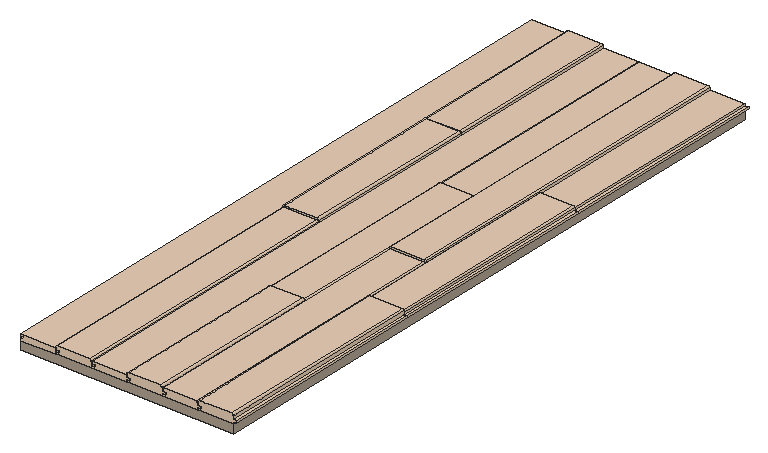
Revit family "TRIBUTARY 18 X 54", category Generic Models, host Face, Revit 2023
Family settings
  Host = Face
  Can host rebar = No
  Round Connector Dimension = Use Diameter
  Part Type = Normal
  Cut with Voids When Loaded = No
  Maintain Annotation Orientation = No
  Shared = No
  Room Calculation Point = No
Parameters (values of type "TRIBUTARY - 18 X 54 - WILLAPA")
  STICKS PER WIDTH = PANEL WIDTH / 0' 6"  # 3
  PANEL WIDTH = 1' - 6"
  PANEL MATERIAL = WF - PLYWOOD
  PANEL LENGTH = 4' - 6"
  Default Elevation = 4' - 0"
  LIGHT CLADDING MATERIAL = WF - TRIBUTARY - WILLAPA - LIGHT
  DARK CLADDING MATERIAL = WF - TRIBUTARY - WILLAPA - DARK
  1/2 STICK = PANEL LENGTH / 2  # 2' - 3"
Types (5): name | LIGHT CLADDING MATERIAL | DARK CLADDING MATERIAL
  TRIBUTARY - 18 X 54 - ELWAH | WF - TRIBUTARY - ELWAH - LIGHT | WF - TRIBUTARY - ELWAH - DARK
  TRIBUTARY - 18 X 54 - HAMMA HAMMA | WF - TRIBUTARY - HAMMA HAMMA - LIGHT | WF - TRIBUTARY - HAMMA HAMMA - DARK
  TRIBUTARY - 18 X 54 - NISQUALLY | WF - TRIBUTARY - NISQUALLY - LIGHT | WF - TRIBUTARY - NISQUALLY - DARK
  TRIBUTARY - 18 X 54 - SKAGIT | WF - TRIBUTARY -SKAGIT - LIGHT | WF - TRIBUTARY - SKAGIT - DARK
  TRIBUTARY - 18 X 54 - WILLAPA | WF - TRIBUTARY - WILLAPA - LIGHT | WF - TRIBUTARY - WILLAPA - DARK
Reference planes (in)
  plane 1 "Center (Front/Back)": y = 0
  plane 2: z = 0
  plane 3 "Center (Left/Right)": x = 0
  plane 4 "TOP OF PANEL": y = 27
  plane 5 "BTM OF PANEL": y = -27
  plane 6 "TONGUE SIDE": x = -9
  plane 7 "GROOVE SIDE": x = 9
Forms (in)
  Extrusion 1, solid, material "WF - PLYWOOD" <- "PANEL MATERIAL"
    sketch origin (-0.0625, 0, 0) x (1, 0, 0) y (0, 1, 0)
      loop
        line (-8.9375, 27) -> (-8.9375, -27) -> (9.0625, -27) -> (9.0625, 27) -> (-8.9375, 27)
    from 0 to 0.75
Dimensions and locks (in)
  equal spacing: plane 6 "TONGUE SIDE", plane 3 "Center (Left/Right)", plane 7 "GROOVE SIDE"
  "PANEL WIDTH": plane 6 "TONGUE SIDE" to plane 7 "GROOVE SIDE"
  equal spacing: plane 4 "TOP OF PANEL", plane 1 "Center (Front/Back)", plane 5 "BTM OF PANEL"
  "PANEL LENGTH": plane 4 "TOP OF PANEL" to plane 5 "BTM OF PANEL"
  plane 7 "GROOVE SIDE" to plane 6 "TONGUE SIDE" = 1' - 6"
  nested 3 to plane 6 "TONGUE SIDE" = 0' - 3"
  aligned and locked: plane 2 to host face
  aligned and locked: level to host face
  aligned and locked: Extrusion 1 to plane 5 "BTM OF PANEL"
  aligned and locked: plane 4 "TOP OF PANEL" to Extrusion 1
  aligned and locked: nested 1 to plane 4 "TOP OF PANEL"
  aligned and locked: nested 1 to plane 5 "BTM OF PANEL"
  aligned and locked: nested 4 to plane 5 "BTM OF PANEL"
  aligned and locked: nested 9 to plane 5 "BTM OF PANEL"
  aligned and locked: nested 10 to plane 5 "BTM OF PANEL"
  aligned and locked: nested 3 to plane 5 "BTM OF PANEL"
  aligned and locked: nested 13 to plane 4 "TOP OF PANEL"
  aligned and locked: nested 8 to plane 4 "TOP OF PANEL"
  aligned and locked: nested 7 to plane 5 "BTM OF PANEL"
  aligned and locked: nested 6 to plane 4 "TOP OF PANEL"
Automatic sketch dimensions
  host sketch curve to host sketch curve = 8' - 0"
  host sketch curve to host sketch curve = 12' - 7.31736"
  Extrusion 1 sketch curve to plane 5 "BTM OF PANEL" = 0' - 0"
  Extrusion 1 sketch curve to plane 6 "TONGUE SIDE" = 0' - 0"
  Extrusion 1 sketch curve to plane 7 "GROOVE SIDE" = 0' - 0"
  Extrusion 1 sketch curve to plane 4 "TOP OF PANEL" = 0' - 0"
Nested families (in)
  nested 1: "CLADDING - DIMENSIONAL - 3in.FACE" at (-7.5, 27, 0.75), type "1/2" X 3" X PANEL - LIGHT"
    with CLADDING LENGTH 4' - 6", 5/8" STICK no, 1/2" STICK yes
  nested 2: "CLADDING - DIMENSIONAL - 3in.FACE" at (-4.5, 12, 0.75), type "3/4" X 3" X 15" - LIGHT"
    with CLADDING LENGTH 1' - 3", 5/8" STICK no, 3/4" STICK yes
  nested 3: "CLADDING - DIMENSIONAL - 3in.FACE" at (-4.5, -3, 0.75), type "5/8" X 3" X 24" - DARK"
    with CLADDING LENGTH 2' - 0"
  nested 4: "CLADDING - DIMENSIONAL - 3in.FACE" at (-1.5, 27, 0.75), type "1/2" X 3" X PANEL - LIGHT"
    with CLADDING LENGTH 4' - 6", 5/8" STICK no, 1/2" STICK yes
  nested 5: "CLADDING - DIMENSIONAL - 3in.FACE" at (7.5, 9, 0.75), type "5/8" X 3" X 18" - DARK"
  nested 6: "CLADDING - DIMENSIONAL - 3in.FACE" at (4.5, 27, 0.75), type "3/4" X 3" X 12""
    with CLADDING LENGTH 2' - 6", 5/8" STICK no, 3/4" STICK yes
  nested 7: "CLADDING - DIMENSIONAL - 3in.FACE" at (4.5, -3, 0.75), type "5/8" X 3" X 24" - DARK"
    with CLADDING LENGTH 2' - 0"
  nested 8: "CLADDING - DIMENSIONAL - 3in.FACE" at (1.5, 27, 0.75), type "1/2" X 3" X 12" - DARK"
    with CLADDING LENGTH 1' - 9", 5/8" STICK no, 1/2" STICK yes
  nested 9: "CLADDING - DIMENSIONAL - 3in.FACE" at (1.5, -12, 0.75), type "3/4" X 3" X 15" - DARK"
    with CLADDING LENGTH 1' - 3", 5/8" STICK no, 3/4" STICK yes
  nested 10: "CLADDING - DIMENSIONAL - 3in.FACE" at (7.5, -9, 0.75), type "3/4" X 3" X 18" - LIGHT"
    with 5/8" STICK no, 3/4" STICK yes
  nested 11: "CLADDING - DIMENSIONAL - 3in.FACE" at (1.5, 6, 0.75), type "5/8" X 3" X18" - LIGHT"
  nested 12: "CLADDING - DIMENSIONAL - 3in.FACE" at (7.5, 27, 0.75), type "1/2" X 3" X 18" - LIGHT"
    with 5/8" STICK no, 1/2" STICK yes
  nested 13: "CLADDING - DIMENSIONAL - 3in.FACE" at (-4.5, 27, 0.75), type "3/4" X 3" X 15" - DARK"
    with CLADDING LENGTH 1' - 3", 5/8" STICK no, 3/4" STICK yes
Definition of nested family "CLADDING - DIMENSIONAL - 3in.FACE"
  Parameters (values of type "5/8" X 3" X 18"")
    face width = 0' - 3"
    Default Elevation = 4' - 0"
    CLADDING MATERIAL = none
    CLADDING LENGTH = 1' - 6"
    5/8" STICK = yes
    3/4" STICK = no
    1/2" STICK = no
  Types (4): name | 5/8" STICK | 3/4" STICK | 1/2" STICK
    (no name) | yes | no | no
    3/4" X 3" X 18" | no | yes | no
    5/8" X 3" X 18" | yes | no | no
    1/2" X 3" X 18" | no | no | yes
  Reference planes (in)
    plane 1 "Center (Front/Back)": y = 0
    plane 2: z = 0
    plane 3 "Center (Left/Right)": x = 0
  Forms (in)
    Extrusion 1, solid
      sketch origin (0, 0, 0) x (1, 0, 0) y (0, 1, 0)
        loop
          line (-48, 48) -> (-48, -48) -> (48, -48) -> (48, 48) -> (-48, 48)
      from 0 to -12
    Extrusion 2, solid, material <- "CLADDING MATERIAL", visible <- "3/4" STICK"
      sketch origin (0, 0, 0) x (1, 0, 0) y (0, 0, 1)
        loop
          arc (-1.375, 0.75) -> (-1.46339, 0.71339) -> (-1.5, 0.625) r 0.125
          line (-1.5, 0.625) -> (-1.5, 0.34375) -> (-1.21875, 0.34375) -> (-1.21875, 0.15625) -> (-1.4375, 0.15625) -> (-1.4375, 0) -> (1.5, 0) -> (1.5, 0.15625) -> (1.78125, 0.17187) -> (1.78125, 0.32812) -> (1.5, 0.34375) -> (1.5, 0.625)
          arc (1.5, 0.625) -> (1.46339, 0.71339) -> (1.375, 0.75) r 0.125
          line (1.375, 0.75) -> (-1.375, 0.75)
      from 0 to 18 <- "CLADDING LENGTH"
    Extrusion 3, solid, material <- "CLADDING MATERIAL", visible <- "5/8" STICK"
      sketch origin (0, 0, 0) x (1, 0, 0) y (0, 0, 1)
        loop
          line (1.5, 0) -> (1.5, 0.15625) -> (1.78125, 0.17187) -> (1.78125, 0.32812) -> (1.5, 0.34375) -> (1.5, 0.5)
          arc (1.5, 0.5) -> (1.46339, 0.58839) -> (1.375, 0.625) r 0.125
          line (1.375, 0.625) -> (-1.375, 0.625)
          arc (-1.375, 0.625) -> (-1.46339, 0.58839) -> (-1.5, 0.5) r 0.125
          line (-1.5, 0.5) -> (-1.5, 0.34375) -> (-1.21875, 0.34375) -> (-1.21875, 0.15625) -> (-1.4375, 0.15625) -> (-1.4375, 0) -> (1.5, 0)
      from 0 to 18 <- "CLADDING LENGTH"
    Extrusion 4, solid, material <- "CLADDING MATERIAL", visible <- "1/2" STICK"
      sketch origin (0, 0, 0) x (1, 0, 0) y (0, 0, 1)
        loop
          line (1.5, 0) -> (1.5, 0.15625) -> (1.78125, 0.17187) -> (1.78125, 0.32812) -> (1.5, 0.34375) -> (1.5, 0.5) -> (-1.5, 0.5) -> (-1.5, 0.34375) -> (-1.21875, 0.34375) -> (-1.21875, 0.15625) -> (-1.4375, 0.15625) -> (-1.4375, 0) -> (1.5, 0)
      from 0 to 18 <- "CLADDING LENGTH"
  Dimensions and locks (in)
    equal spacing: Extrusion 2 sketch curve, plane 3 "Center (Left/Right)", Extrusion 2 sketch curve
    "face width": Extrusion 2 sketch curve to Extrusion 2 sketch curve
    Extrusion 3 sketch curve to Extrusion 3 sketch curve = 0' - 3"
    Extrusion 4 sketch curve to Extrusion 4 sketch curve = 0' - 3"
    aligned and locked: plane 2 to Extrusion 1
    aligned and locked: level to Extrusion 1
  Automatic sketch dimensions
    Extrusion 1 sketch curve to Extrusion 1 sketch curve = 8' - 0"  (x2)
    Extrusion 4 sketch curve to level = 0' - 0"
    level to Extrusion 4 sketch curve = 0' - 0 11/32"
    Extrusion 4 sketch curve to plane 3 "Center (Left/Right)" = 0' - 1 1/2"
    Extrusion 4 sketch curve to Extrusion 4 sketch curve = 0' - 0 7/32"
    Extrusion 4 sketch curve to Extrusion 4 sketch curve = 0' - 0 9/32"
    level to Extrusion 4 sketch curve = 0' - 0 5/32"
    Extrusion 4 sketch curve to Extrusion 4 sketch curve = 0' - 0 5/32"  (x3)
    level to Extrusion 4 sketch curve = 0' - 0 11/64"
    Extrusion 4 sketch curve to Extrusion 4 sketch curve = 0' - 0 3/16"
    Extrusion 4 sketch curve to Extrusion 4 sketch curve = 0' - 0 1/16"
    Extrusion 4 sketch curve to Extrusion 4 sketch curve = 0' - 0"
    Extrusion 3 sketch curve to level = 0' - 0"
    level to Extrusion 3 sketch curve = 0' - 0 11/32"
    Extrusion 3 sketch curve to plane 3 "Center (Left/Right)" = 0' - 1 1/2"
    Extrusion 3 sketch curve to Extrusion 3 sketch curve = 0' - 0 1/16"
    Extrusion 3 sketch curve to Extrusion 3 sketch curve = 0' - 0 1/8"  (x2)
    Extrusion 3 sketch curve to Extrusion 3 sketch curve = 0' - 0 5/32"  (x5)
    Extrusion 3 sketch curve to Extrusion 3 sketch curve = 0' - 0"
    Extrusion 3 sketch curve to Extrusion 3 sketch curve = 0' - 0 9/32"
    level to Extrusion 3 sketch curve = 0' - 0 11/64"
    Extrusion 3 sketch curve to Extrusion 3 sketch curve = 0' - 0 3/16"
    Extrusion 2 sketch curve to level = 0' - 0"
    Extrusion 2 sketch curve to Extrusion 2 sketch curve = 0' - 0 1/16"
    Extrusion 2 sketch curve to Extrusion 2 sketch curve = 0' - 0 1/8"  (x2)
    Extrusion 2 sketch curve to Extrusion 2 sketch curve = 0' - 0 7/32"
    Extrusion 2 sketch curve to Extrusion 2 sketch curve = 0' - 0"
    Extrusion 2 sketch curve to Extrusion 2 sketch curve = 0' - 0 9/32"  (x2)
    level to Extrusion 2 sketch curve = 0' - 0 5/32"  (x2)
    level to Extrusion 2 sketch curve = 0' - 0 11/64"
    Extrusion 2 sketch curve to Extrusion 2 sketch curve = 0' - 0 5/32"
    Extrusion 2 sketch curve to Extrusion 2 sketch curve = 0' - 0 3/16"  (x2)
